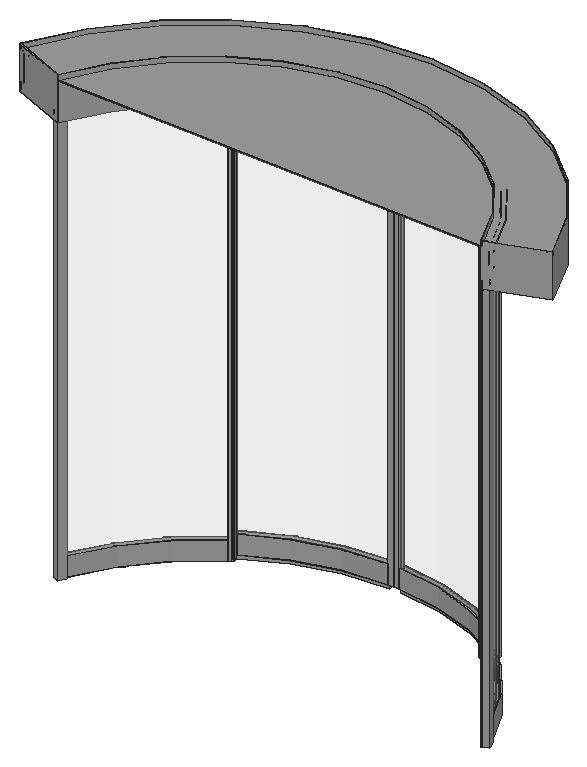
Revit family "agtatec_Record_SldngDrset_RST-ABST-IBST_Wall Based", category Doors, host Wall, Revit 2015
Parameters (values of type "ABST With Side Panels - 30 mm")
  WithoutSidePanels = not(WithSidePanels)  # no
  WithinStandardSizes = PassageHeight < 3000.00 mm  # yes
  WithSidePanels = yes
  Width = WallCutHeight  # 2320.00 mm
  Weight = "n/a"
  WarrantyStartDate [instance] = "12/31/00 11:59 PM"
  WarrantyGuarantorParts = "Local door manufacturer"
  WarrantyGuarantorLabour = "Local door manufacturer"
  WarrantyDurationUnit = "Depends on country"
  WarrantyDurationParts = "Depends on country"
  WarrantyDurationLabour = "Depends on country"
  WarrantyDescription = "Depends on country"
  WallCutWidth = if(RST180, 2 * STRadius, if(RST360, 2 * STRadius, 2 * (WL / tan(90.00° - W - SW))))  # 2233.644 mm
  WallCutHeight = TotalHeight  # 2320.00 mm
  WL = STRadius - H  # 438.986 mm
  W = if((asin(A / (2 * (STRadius - STWidth - Distance - TFWidth)))) * 2 + SWAdd > 90.00°, ((90.00° - SWAdd) / 2), (asin(A / (2 * (STRadius - STWidth - Distance - TFWidth)))))  # 32.3924°
  Version = "Version 1.0"
  Uniclass2 = "Ss_25_30_20_77"
  UnderStructure = no
  URL = "www.agta-record.com"
  TotalHeight = PassageHeight + CanopyHeight  # 2320.00 mm
  ThresholdStripping = "n/a"
  ThresholdRequired = yes
  Thickness = 0.00 mm
  ThermalTransmittance = 0
  TagNumber [instance] = "n/a"
  TFWidth = STWidth  # 30.00 mm
  TFDichtung = STWidth  # 30.00 mm
  SustainabilityPerformance = "n/a"
  SmokeStop = no
  Size = "XxxXXxXX"
  Shape = "Half-Cylinder Shaped"
  ServiceLifeType = "n/a"
  ServiceLifeDuration = "10-15 years"
  SerialNumber [instance] = "n/a"
  SelfClosing = yes
  SecurityRating = "n/a"
  SafetyDevices = "Optical sensors"
  SWAdd = if(IBST, (TFDichtung + 50.00 mm) * 180.00° / (pi() * (STRadius - STWidth - Distance - TFWidth)), (TFDichtung + 50.00 mm) * 180.00° / (pi() * (STRadius + Distance)))  # 3.7571°
  SW = if(IBST, (W + ((TFDichtung + 50.00 mm) * 180.00° / (pi() * (STRadius - STWidth - Distance - TFWidth)))), if(RST180, (90.00° - W), if(RST360, (90.00° - W), (W + ((TFDichtung + 50.00 mm) * 180.00° / (pi() * (STRadius + Distance)))))))  # 36.1495°
  STWidth = if(Panel20mm, 20.00 mm, 30.00 mm)  # 30.00 mm
  STRadius = 1200.00 mm
  Rough Width = WallCutHeight  # 2320.00 mm
  Rough Height = TotalHeight  # 2320.00 mm
  Revision = "n/a"
  ReplacementCost = "Depends on the configuration and door type"
  ReferenceStandard = "EN16005, EN16361, DIN 18650, etc."
  Reference = "n/a"
  RST360 = no
  RST180 = no
  ProductionYear = "n/a"
  ProductInformation = "www.agta-record.com"
  Process = "n/a"
  PassageWidthOptions = "contact manufacturer"
  PassageWidth = 1200.00 mm
  PassageHeight = 2100.00 mm
  PanelFrames = agtatec_Record_Revolving Door, Aluminium
  Panel30mm = not(Panel20mm)  # yes
  Panel20mm = no
  Operation = "Automatic"
  OperatingTemperature = "n/a"
  OpenDoor = no
  OffsetFromWallTop = 0.00 mm
  OffsetFromWallSide = 0.00 mm
  OffsetFromWallFace [instance] = 0.00 mm
  OffsetFromWall [instance] = OffsetFromWallFace + 1000.00 mm  # 1000.00 mm
  NominalWidth = 1840.20 mm
  NominalLength = 1840.20 mm
  NominalHeight = TotalHeight  # 2320.00 mm
  Name = "SldngDrset_ABST Circular-slidingDoor_Generic_Record"
  NBSTypeID = "n/a"
  NBSReference = "25-50-20/175"
  NBSOfficeMasterTag = "n/a"
  NBSNote = "n/a"
  NBSDescription = "Sliding Doorset"
  NBSCertification = "n/a"
  MountingProfile39mm = not(MountingProfile17mm)  # no
  MountingProfile17mm = yes
  ModelReference = "depends on the configuration"
  ModelNumber = "n/a"
  ModelLabel = "n/a"
  Model = "K31"
  MethodOfMeasurement = "n/a"
  Material = "Aluminium"
  ManufacturerURL = "www.agta-record.com"
  ManufacturerName = "record"
  Manufacturer = "info@agta-record.com"
  LeafPanelFill = agtatec_Record_Revolving Door, Laminated Safety Glass (Clear)
  LeafColourOptions = "n/a"
  IssueDate = "<>"
  IsExternal = yes
  InstallationDate [instance] = "12/31/00 11:59 PM"
  IfcExportType = "Door"
  IfcExportAs = "IFCDoorStyle"
  IBST = no
  HeightUnderCanopyOptions = "2200-3000"
  Height = TotalHeight  # 2320.00 mm
  HasDrive = yes
  HandicapAccessible = no
  H = STRadius * (1 - cos(W + SW))  # 761.014 mm
  Grade = "n/a"
  GlazingAreaFraction = "n/a"
  GlassType = "part of glazing spec"
  GlassThickness3 = 0.00 mm
  GlassThickness2 = 0.00 mm
  GlassThickness1 = 0.00 mm
  GlassLayers = 1
  Function = Exterior
  FrameSeal = yes
  FrameProfile = "Aluminium"
  FrameMaterial = "Aluminium"
  FrameFinishOptions = "Stainless steel and more"
  Flooring = agtatec_Record_Revolving Door, Felt Carpet
  FloorGuide = yes
  FloorChannel = no
  FireRating = "n/a"
  FireExit = no
  Finish = "Powder coated, Anodized, customer specific"
  Features = "Air curtain"
  ExpectedLife = "n/a"
  ElectronicLock = yes
  DurationUnit = "Year"
  DrumWallPanelFill = agtatec_Record_Revolving Door, Laminated Safety Glass (Clear)
  DoorsetOptions = "n/a"
  DoorsetOperation = "automatic"
  DoorsetFasteners = "n/a"
  DoorSeal = "n/a"
  DoorNumber = "n/a"
  DoorIncluded = yes
  Documentation = "n/a"
  DocumentReference = "n/a"
  Distance = 20.00 mm  # constant formula
  DiameterOptions = "n/a"
  Description = "Curved Sliding Door"
  Cost = 0
  Construction Type = "Automatic Revolving Door"
  Constituents = "n/a"
  Configuration = "n/a"
  Colour = "Customer specific"
  CodePerformance = "n/a"
  Category = "Curved Sliding Door"
  Capacity = "n/a"
  CanopyHeightOptions = "200-1000"
  CanopyHeight = 220.00 mm
  CanopyCovering = agtatec_Record_Revolving Door, Sheet metal (Painted Steel)
  BarCode [instance] = "n/a"
  BIMObjectName = "agtatec_Record_SldngDrset_ABST Circular-slidingDoor_WallBased"
  Author = "agtatec"
  AssetType = "n/a"
  AssetIdentifier [instance] = "n/a"
  Assembly Code = "B2030300"
  AntiFingerTrapRequirement = yes
  AlternativeDoorsetGlazing = "Contact manufacturer"
  AcousticRating = "n/a"
  AccessoryOptions = "Contact manufacturer"
  AccessibilityPerformance = "n/a"
  ABST = yes
  A = if(PassageWidth < 800.00 mm, 800.00 mm, if(PassageWidth > 3000.00 mm, 3000.00 mm, PassageWidth))  # 1200.00 mm
Reference planes
  plane 1 "Wall": y = 0
  plane 2 "Center (Left/Right)": x = 125
  plane 3 "Back": y = 75
  plane 4: x = 1241.822
  plane 5: x = -991.822
  plane 6: x = -991.822
  plane 7: x = 1241.822
  plane 8: z = 2320
  plane 9: z = 2320
  plane 10: y = -363.986
  plane 11: y = -1363.986
  plane 12: y = -363.986
Forms (mm)
  Extrusion 1, void
    sketch origin (0, 75, 0) x (-1, 0, 0) y (0, 0, 1)
      loop
        line (-1241.822, 0) -> (991.822, 0) -> (991.822, 2320) -> (-1241.822, 2320) -> (-1241.822, 0)
    from 0 to -150
Text (mm)
  text "Placement Side" at (-1848.837, 1116.779, 0), in view "Ref. Level"
  text "Placement side" at (0, 1409.804, 2854.306), in view "Left"
  text "Placement side" at (0, 499.811, 2980.732), in view "Right"
Dimensions and locks
  locked: plane 3 "Back" to host wall
  equal spacing: plane 5, plane 2 "Center (Left/Right)", plane 4
  "WallCutWidth": plane 5 to plane 4
  "OffsetFromWallSide": plane 5 to plane 6
  "OffsetFromWallSide": plane 4 to plane 7
  "WallCutHeight": level to plane 9
  "OffsetFromWallTop": plane 9 to plane 8
  "WL": plane 10 to plane 3 "Back"
  "OffsetFromWall": plane 12 to plane 11
  locked: plane 10 to plane 11 at 1000
  aligned and locked: host wall to plane 1 "Wall"
  aligned and locked: plane 6 to Extrusion 1 sketch curve
  aligned and locked: plane 7 to Extrusion 1 sketch curve
  aligned and locked: plane 8 to Extrusion 1 sketch curve
  aligned and locked: host wall to Extrusion 1
  aligned and locked: nested 1 to plane 12
Automatic sketch dimensions
  Extrusion 1 sketch curve to level = 0.00 mm
Nested families
  nested 1: "RST - Generic" at (125, -363.986, 0), type "Standard"
    with Width 2320.00 mm, WL 425.817 mm, W 32.3924°, UnderStructure no, SWAdd 3.7571°, SW 36.1495°, STRadiusABSTCanopy 1170.00 mm, STRadius 1200.00 mm, Rough Width 2320.00 mm, Rough Height 2320.00 mm, PassageWidth 1200.00 mm, Height 2320.00 mm, H 761.014 mm, FloorGuide yes, CanopyRoofRadius 1164.00 mm, A 1200.00 mm
Definition of nested family "RST - Generic"
  Parameters
    WithoutSidePanels = not(WithSidePanels)  # no
    WithSidePanels = yes
    Width = 0.00 mm
    WL = (sin(90.00° - W - SW)) * CanopyRoofRadius  # 324.401 mm
    W = if((asin(A / (2 * (STRadius - STWidth - Distance - TFWidth)))) * 2 + SWAdd > 90.00°, ((90.00° - SWAdd) / 2), (asin(A / (2 * (STRadius - STWidth - Distance - TFWidth)))))  # 32.9207°
    UnderStructure = yes
    Thickness = 0.00 mm
    TFWidth = STWidth  # 30.00 mm
    TFDichtung = STWidth  # 30.00 mm
    SWAdd = if(IBST, (TFDichtung + 50.00 mm) * 180.00° / (pi() * (STRadius - STWidth - Distance - TFWidth)), (TFDichtung + 50.00 mm) * 180.00° / (pi() * (STRadius + Distance)))  # 4.49379°
    SW = if(IBST, (W + ((TFDichtung + 50.00 mm) * 180.00° / (pi() * (STRadius - STWidth - Distance - TFWidth)))), if(RST180, (90.00° - W), if(RST360, (90.00° - W), (W + ((TFDichtung + 50.00 mm) * 180.00° / (pi() * (STRadius + Distance)))))))  # 37.4145°
    STWidth = if(Panel20mm, 20.00 mm, 30.00 mm)  # 30.00 mm
    STRadiusABSTCanopy = STRadius - STWidth  # 970.00 mm
    STRadius = 1000.00 mm
    Rough Width = 0.00 mm
    Rough Height = 0.00 mm
    RST36030 = and(RST360, STWidth = 30.00 mm)  # no
    RST36020 = and(RST360, STWidth = 20.00 mm)  # no
    RST360 = no
    RST18030 = and(RST180, STWidth = 30.00 mm)  # no
    RST18020 = and(RST180, STWidth = 20.00 mm)  # no
    RST180 = no
    PassageWidth = 1000.00 mm
    PassageHeight = 2100.00 mm
    PanelFrames = none
    Panel30mm = not(Panel20mm)  # yes
    Panel20mm = no
    OpenDoor = no
    MountingProfile39mm = not(MountingProfile17mm)  # no
    MountingProfile17mm = yes
    LeafPanelFill = none
    IBSTWithout30 = and(IBST, WithoutSidePanels, STWidth = 30.00 mm)  # no
    IBSTWithout20 = and(IBST, WithoutSidePanels, STWidth = 20.00 mm)  # no
    IBSTWith30 = and(IBST, WithSidePanels, STWidth = 30.00 mm)  # no
    IBSTWith20 = and(IBST, WithSidePanels, STWidth = 20.00 mm)  # no
    IBST = no
    Height = 0.00 mm
    H = STRadius * (1 - cos(W + SW))  # 663.484 mm
    FloorGuide = no
    FloorChannel = no
    Distance = 20.00 mm
    Construction Type = ""
    CanopyRoofRadius = if(and(IBST, WithSidePanels), STRadius - 300.00 mm, if(and(ABST, WithSidePanels), STRadius - 36.00 mm, if(and(IBST, WithoutSidePanels, Panel20mm), STRadius - 297.20 mm, if(and(IBST, WithoutSidePanels, Panel30mm), STRadius - 297.00 mm, STRadius))))  # 964.00 mm
    CanopyRoof = or(ABST, IBST)  # yes
    CanopyHeight = 220.00 mm
    CanopyCovering = none
    Analytic Construction = "<None>"
    ABSTWithout30 = and(ABST, WithoutSidePanels, STWidth = 30.00 mm)  # no
    ABSTWithout20 = and(ABST, WithoutSidePanels, STWidth = 20.00 mm)  # no
    ABSTWith30 = and(ABST, WithSidePanels, STWidth = 30.00 mm)  # yes
    ABSTWith20 = and(ABST, WithSidePanels, STWidth = 20.00 mm)  # no
    ABST = yes
    A = if(PassageWidth < 800.00 mm, 800.00 mm, if(PassageWidth > 3000.00 mm, 3000.00 mm, PassageWidth))  # 1000.00 mm
  Reference planes
    plane 1 "Center (Front/Back)": y = 0
    plane 2: z = 0
    plane 3 "Center (Left/Right)": x = 0
    plane 4: y = 1000
    plane 5: x = 1000
    plane 6: x = 1002
    plane 7: x = -1000
    plane 8: x = -1002
    plane 9: x = 1000
    plane 10: x = 1002
    plane 11: x = -1000
    plane 12: x = -1002
    plane 13 "Passage Height": z = 2100
    plane 14: x = 1000
    plane 15: x = 997
    plane 16: x = -1000
    plane 17: x = -997
    plane 18: x = -1000
    plane 19: x = -997
    plane 20: x = 1000
    plane 21: x = 997
  Forms (mm)
    Sweep 1, solid, material <- "CanopyCovering", visible <- "IBSTWith20"
      path origin (0, 1560, 2100) x (0, 1, 0) y (-1, 0, 0)
        loop
          arc (-1223.484, -941.678) -> (-560, 0) -> (-1223.484, 941.678) r 1000
      profile origin (0, 1000, 2100) x (0, -1, 0) y (0, 0, 1)
        loop
          line (37.306, 178.526) -> (54.3, 178.526) -> (54.3, 193) -> (274.2, 193) -> (274.2, 50) -> (298, 50) -> (298, 5) -> (71.8, 5) -> (71.8, 2) -> (298, 2) -> (298, 0) -> (300, 0) -> (300, 220) -> (298, 220) -> (298, 197) -> (2, 197) -> (2, 220) -> (0, 220) -> (0, 0) -> (2, 0) -> (2, 50) -> (25.8, 50) -> (25.8, 44) -> (23, 44) -> (23, 28) -> (28.8, 28) -> (28.8, 88) -> (25.8, 88) -> (25.8, 106.81) -> (54.318, 106.81) -> (54.318, 121.274) -> (37.281, 121.274) -> (37.306, 115.3) -> (32.8, 115.3) -> (32.8, 184.5) -> (37.306, 184.5) -> (37.306, 178.526)
    Sweep 2, solid, material <- "CanopyCovering", visible <- "IBSTWithout20"
      path origin (0, 1560, 2100) x (0, 1, 0) y (-1, 0, 0)
        loop
          arc (-1223.484, -941.678) -> (-560, 0) -> (-1223.484, 941.678) r 1000
      profile origin (0, 1000, 2100) x (0, -1, 0) y (0, 0, 1)
        loop
          line (34.506, 178.526) -> (51.5, 178.526) -> (51.5, 193) -> (271.4, 193) -> (271.4, 50) -> (295.2, 50) -> (295.2, 5) -> (69, 5) -> (69, 2) -> (295.2, 2) -> (295.2, 0) -> (297.2, 0) -> (297.2, 220) -> (295.2, 220) -> (295.2, 197) -> (23, 197) -> (23, 106.81) -> (51.518, 106.81) -> (51.518, 121.274) -> (34.481, 121.274) -> (34.506, 115.3) -> (30, 115.3) -> (30, 184.5) -> (34.506, 184.5) -> (34.506, 178.526)
        loop
          line (40, 8) -> (38, 8) -> (38, 2) -> (26, 2) -> (26, 20) -> (23, 20) -> (23, 0) -> (40, 0) -> (40, 8)
    Sweep 3, solid, material <- "CanopyCovering", visible <- "IBSTWith30"
      path origin (0, 1560, 2100) x (0, 1, 0) y (-1, 0, 0)
        loop
          arc (-1223.484, -941.678) -> (-560, 0) -> (-1223.484, 941.678) r 1000
      profile origin (0, 1000, 2100) x (0, -1, 0) y (0, 0, 1)
        loop
          line (37.306, 178.526) -> (54.3, 178.526) -> (54.3, 193) -> (274.2, 193) -> (274.2, 50) -> (298, 50) -> (298, 5) -> (91.8, 5) -> (91.8, 2) -> (298, 2) -> (298, 0) -> (300, 0) -> (300, 220) -> (298, 220) -> (298, 197) -> (2, 197) -> (2, 220) -> (0, 220) -> (0, 0) -> (2, 0) -> (2, 50) -> (30.816, 50) -> (33, 44) -> (33, 26) -> (37, 26) -> (37, 44.705) -> (29.8, 64.487) -> (29.8, 106.81) -> (54.318, 106.81) -> (54.318, 121.274) -> (37.281, 121.274) -> (37.306, 115.3) -> (32.8, 115.3) -> (32.8, 184.5) -> (37.306, 184.5) -> (37.306, 178.526)
    Sweep 4, solid, material <- "CanopyCovering", visible <- "IBSTWithout30"
      path origin (0, 1560, 2100) x (0, 1, 0) y (-1, 0, 0)
        loop
          arc (-1223.484, -941.678) -> (-560, 0) -> (-1223.484, 941.678) r 1000
      profile origin (0, 1000, 2100) x (0, -1, 0) y (0, 0, 1)
        loop
          line (34.306, 178.526) -> (51.3, 178.526) -> (51.3, 193) -> (271.2, 193) -> (271.2, 50) -> (295, 50) -> (295, 5) -> (184.7, 5) -> (172.7, 5) -> (78.8, 5) -> (78.8, 2) -> (295, 2) -> (295, 0) -> (297, 0) -> (297, 220) -> (295, 220) -> (295, 197) -> (22.8, 197) -> (22.8, 106.81) -> (51.318, 106.81) -> (51.318, 121.274) -> (34.281, 121.274) -> (34.306, 115.3) -> (29.8, 115.3) -> (29.8, 184.5) -> (34.306, 184.5) -> (34.306, 178.526)
        loop
          line (39.8, 8) -> (37.8, 8) -> (37.8, 2) -> (25.8, 2) -> (25.8, 20) -> (22.8, 20) -> (22.8, 0) -> (39.8, 0) -> (39.8, 8)
    Sweep 5, solid, material <- "CanopyCovering", visible <- "ABSTWith20"
      path origin (0, 1560, 2100) x (0, 1, 0) y (-1, 0, 0)
        loop
          arc (-1233.58, -913.427) -> (-590, 0) -> (-1233.58, 913.427) r 970
      profile origin (0, 970, 2100) x (0, -1, 0) y (0, 0, 1)
        loop
          line (-31.306, 178.526) -> (-31.306, 184.5) -> (-26.8, 184.5) -> (-26.8, 115.3) -> (-31.306, 115.3) -> (-31.281, 121.274) -> (-48.318, 121.274) -> (-48.318, 106.81) -> (-19.8, 106.81) -> (-19.8, 88) -> (-22.8, 88) -> (-22.8, 28) -> (-17, 28) -> (-17, 44) -> (-19.8, 44) -> (-19.8, 50) -> (4, 50) -> (4, 0) -> (6, 0) -> (6, 220) -> (4, 220) -> (4, 197) -> (-292, 197) -> (-292, 220) -> (-294, 220) -> (-294, 0) -> (-292, 0) -> (-292, 2) -> (-65.8, 2) -> (-65.8, 5) -> (-292, 5) -> (-292, 50) -> (-268.2, 50) -> (-268.2, 193) -> (-48.3, 193) -> (-48.3, 178.526) -> (-31.306, 178.526)
    Sweep 6, solid, material <- "CanopyCovering", visible <- "ABSTWith30"
      path origin (0, 1560, 2100) x (0, 1, 0) y (-1, 0, 0)
        loop
          arc (-1233.58, -913.427) -> (-590, 0) -> (-1233.58, 913.427) r 970
      profile origin (0, 970, 2100) x (0, -1, 0) y (0, 0, 1)
        loop
          line (-31.306, 178.526) -> (-31.306, 184.5) -> (-26.8, 184.5) -> (-26.8, 115.3) -> (-31.306, 115.3) -> (-31.281, 121.274) -> (-48.318, 121.274) -> (-48.318, 106.81) -> (-23.8, 106.81) -> (-23.8, 64.487) -> (-31, 44.705) -> (-31, 26) -> (-27, 26) -> (-27, 44) -> (-24.816, 50) -> (4, 50) -> (4, 0) -> (6, 0) -> (6, 220) -> (4, 220) -> (4, 197) -> (-292, 197) -> (-292, 220) -> (-294, 220) -> (-294, 0) -> (-292, 0) -> (-292, 2) -> (-85.8, 2) -> (-85.8, 5) -> (-292, 5) -> (-292, 50) -> (-268.2, 50) -> (-268.2, 193) -> (-48.3, 193) -> (-48.3, 178.526) -> (-31.306, 178.526)
    Sweep 7, solid, material <- "CanopyCovering", visible <- "ABSTWithout20"
      path origin (0, 1560, 2100) x (0, 1, 0) y (-1, 0, 0)
        loop
          arc (-1233.58, -913.427) -> (-590, 0) -> (-1233.58, 913.427) r 970
      profile origin (0, 970, 2100) x (0, -1, 0) y (0, 0, 1)
        loop
          line (-31.506, 178.526) -> (-31.506, 184.5) -> (-27, 184.5) -> (-27, 115.3) -> (-31.506, 115.3) -> (-31.481, 121.274) -> (-48.518, 121.274) -> (-48.518, 106.81) -> (-20, 106.81) -> (-20, 197) -> (-292.2, 197) -> (-292.2, 220) -> (-294.2, 220) -> (-294.2, 0) -> (-292.2, 0) -> (-292.2, 2) -> (-66, 2) -> (-66, 5) -> (-292.2, 5) -> (-292.2, 50) -> (-268.4, 50) -> (-268.4, 193) -> (-48.5, 193) -> (-48.5, 178.526) -> (-31.506, 178.526)
        loop
          line (-37, 8) -> (-37, 0) -> (-20, 0) -> (-20, 20) -> (-23, 20) -> (-23, 2) -> (-35, 2) -> (-35, 8) -> (-37, 8)
    Sweep 8, solid, material <- "CanopyCovering", visible <- "ABSTWithout30"
      path origin (0, 1560, 2100) x (0, 1, 0) y (-1, 0, 0)
        loop
          arc (-1233.58, -913.427) -> (-590, 0) -> (-1233.58, 913.427) r 970
      profile origin (0, 970, 2100) x (0, -1, 0) y (0, 0, 1)
        loop
          line (-41.506, 178.526) -> (-41.506, 184.5) -> (-37, 184.5) -> (-37, 115.3) -> (-41.506, 115.3) -> (-41.481, 121.274) -> (-58.518, 121.274) -> (-58.518, 106.81) -> (-30, 106.81) -> (-30, 197) -> (-302.2, 197) -> (-302.2, 220) -> (-304.2, 220) -> (-304.2, 0) -> (-302.2, 0) -> (-302.2, 2) -> (-86, 2) -> (-86, 5) -> (-179.9, 5) -> (-191.9, 5) -> (-302.2, 5) -> (-302.2, 50) -> (-278.4, 50) -> (-278.4, 193) -> (-58.5, 193) -> (-58.5, 178.526) -> (-41.506, 178.526)
        loop
          line (-47, 8) -> (-47, 0) -> (-30, 0) -> (-30, 20) -> (-33, 20) -> (-33, 2) -> (-45, 2) -> (-45, 8) -> (-47, 8)
    Revolve 9, solid, material <- "CanopyCovering", visible <- "RST18020"
      sketch origin (0, 0, 1500) x (0, 1, 0) y (0, 0, 1)
        loop
          line (962.694, 778.526) -> (962.694, 784.5) -> (967.2, 784.5) -> (967.2, 715.3) -> (962.694, 715.3) -> (962.719, 721.274) -> (945.682, 721.274) -> (945.682, 706.81) -> (974.2, 706.81) -> (974.2, 688) -> (971.2, 688) -> (971.2, 628) -> (977, 628) -> (977, 644) -> (974.2, 644) -> (974.2, 650) -> (998, 650) -> (998, 600) -> (1000, 600) -> (1000, 820) -> (998, 820) -> (998, 797) -> (0, 797) -> (0, 793) -> (945.7, 793) -> (945.7, 778.526) -> (962.694, 778.526)
        loop
          line (0, 605) -> (0, 602) -> (928.2, 602) -> (928.2, 605) -> (0, 605)
        axis (0, 600) -> (0, 820)
      angle from -90 to 90
    Sweep 10, solid, material <- "CanopyCovering", visible <- "RST18020"
      path origin (0, 1560, 2100) x (0, 1, 0) y (-1, 0, 0)
        loop
          line (-1560, -997) -> (-1560, 997)
      profile origin (0, 0, 2100) x (0, -1, 0) y (0, 0, 1)
        loop
          line (-25.8, 197) -> (-25.8, 50) -> (-2, 50) -> (-2, 0) -> (0, 0) -> (0, 220) -> (-2, 220) -> (-2, 197) -> (-25.8, 197)
    Revolve 11, solid, material <- "CanopyCovering", visible <- "RST36020"
      sketch origin (0, 0, 1500) x (0, 1, 0) y (0, 0, 1)
        loop
          line (962.694, 778.526) -> (962.694, 784.5) -> (967.2, 784.5) -> (967.2, 715.3) -> (962.694, 715.3) -> (962.719, 721.274) -> (945.682, 721.274) -> (945.682, 706.81) -> (974.2, 706.81) -> (974.2, 688) -> (971.2, 688) -> (971.2, 628) -> (977, 628) -> (977, 644) -> (974.2, 644) -> (974.2, 650) -> (998, 650) -> (998, 600) -> (1000, 600) -> (1000, 820) -> (998, 820) -> (998, 797) -> (0, 797) -> (0, 793) -> (945.7, 793) -> (945.7, 778.526) -> (962.694, 778.526)
        loop
          line (0, 605) -> (0, 602) -> (928.2, 602) -> (928.2, 605) -> (0, 605)
        axis (0, 600) -> (0, 820)
      angle from 0 to 360
    Sweep 12, solid, material <- "CanopyCovering", visible <- "RST36020"
      path origin (0, 1560, 2100) x (0, 1, 0) y (-1, 0, 0)
        loop
          line (-1560, -1002) -> (-1560, 1002)
      profile origin (0, 0, 2100) x (0, -1, 0) y (0, 0, 1)
        loop
          line (-25.8, 197) -> (-25.8, 50) -> (-2, 50) -> (-2, 0) -> (2, 0) -> (2, 50) -> (25.8, 50) -> (25.8, 197) -> (2, 197) -> (2, 220) -> (-2, 220) -> (-2, 197) -> (-25.8, 197)
    Revolve 13, solid, material <- "CanopyCovering", visible <- "RST36030"
      sketch origin (0, 0, 1500) x (0, 1, 0) y (0, 0, 1)
        loop
          line (945.7, 793) -> (945.7, 778.526) -> (962.694, 778.526) -> (962.694, 784.5) -> (967.2, 784.5) -> (967.2, 715.3) -> (962.694, 715.3) -> (962.719, 721.274) -> (945.682, 721.274) -> (945.682, 706.81) -> (970.2, 706.81) -> (970.2, 664.487) -> (963, 644.705) -> (963, 626) -> (967, 626) -> (967, 644) -> (969.184, 650) -> (998, 650) -> (998, 600) -> (1000, 600) -> (1000, 820) -> (998, 820) -> (998, 797) -> (0, 797) -> (0, 793) -> (945.7, 793)
        loop
          line (0, 605) -> (0, 602) -> (908.2, 602) -> (908.2, 605) -> (0, 605)
        axis (0, 600) -> (0, 820)
      angle from 0 to 360
    Sweep 14, solid, material <- "CanopyCovering", visible <- "RST36030"
      path origin (0, 1560, 2100) x (0, 1, 0) y (-1, 0, 0)
        loop
          line (-1560, -1002) -> (-1560, 1002)
      profile origin (0, 0, 2100) x (0, -1, 0) y (0, 0, 1)
        loop
          line (-25.8, 197) -> (-25.8, 50) -> (-2, 50) -> (-2, 0) -> (2, 0) -> (2, 50) -> (25.8, 50) -> (25.8, 197) -> (2, 197) -> (2, 220) -> (-2, 220) -> (-2, 197) -> (-25.8, 197)
    Revolve 15, solid, material <- "CanopyCovering", visible <- "RST18030"
      sketch origin (0, 0, 1500) x (0, 1, 0) y (0, 0, 1)
        loop
          line (945.7, 793) -> (945.7, 778.526) -> (962.694, 778.526) -> (962.694, 784.5) -> (967.2, 784.5) -> (967.2, 715.3) -> (962.694, 715.3) -> (962.719, 721.274) -> (945.682, 721.274) -> (945.682, 706.81) -> (970.2, 706.81) -> (970.2, 664.487) -> (963, 644.705) -> (963, 626) -> (967, 626) -> (967, 644) -> (969.184, 650) -> (998, 650) -> (998, 600) -> (1000, 600) -> (1000, 820) -> (998, 820) -> (998, 797) -> (0, 797) -> (0, 793) -> (945.7, 793)
        loop
          line (0, 605) -> (0, 602) -> (908.2, 602) -> (908.2, 605) -> (0, 605)
        axis (0, 600) -> (0, 820)
      angle from -90 to 90
    Sweep 16, solid, material <- "CanopyCovering", visible <- "RST18030"
      path origin (0, 1560, 2100) x (0, 1, 0) y (-1, 0, 0)
        loop
          line (-1560, -997) -> (-1560, 997)
      profile origin (0, 0, 2100) x (0, -1, 0) y (0, 0, 1)
        loop
          line (-25.8, 197) -> (-25.8, 50) -> (-2, 50) -> (-2, 0) -> (0, 0) -> (0, 220) -> (-2, 220) -> (-2, 197) -> (-25.8, 197)
    Extrusion 17, solid, material <- "CanopyCovering", visible <- "ABSTWithout30"
      sketch origin (913.427, 326.42, 2100) x (0.941678, 0.336516, 0) y (0, 0, 1)
        loop
          line (30, 220) -> (30, 0) -> (304.2, 0) -> (304.2, 220) -> (30, 220)
      from 0 to 3
    Extrusion 18, solid, material <- "CanopyCovering", visible <- "ABSTWithout30"
      sketch origin (-913.427, 326.42, 2100) x (0, 0, 1) y (-0.941678, 0.336516, 0)
        loop
          line (220, 304.2) -> (0, 304.2) -> (0, 30) -> (220, 30) -> (220, 304.2)
      from 0 to 3
    Extrusion 19, solid, material <- "CanopyCovering", visible <- "ABSTWithout20"
      sketch origin (-913.427, 326.42, 2100) x (0, 0, 1) y (-0.941678, 0.336516, 0)
        loop
          line (220, 294.2) -> (0, 294.2) -> (0, 20) -> (220, 20) -> (220, 294.2)
      from 0 to 3
    Extrusion 20, solid, material <- "CanopyCovering", visible <- "ABSTWithout20"
      sketch origin (913.427, 326.42, 2100) x (0.941678, 0.336516, 0) y (0, 0, 1)
        loop
          line (294.2, 0) -> (294.2, 220) -> (20, 220) -> (20, 0) -> (294.2, 0)
      from 0 to 3
    Extrusion 21, solid, material <- "CanopyCovering", visible <- "ABSTWith30"
      sketch origin (-913.427, 326.42, 2100) x (0, 0, 1) y (-0.941678, 0.336516, 0)
        loop
          line (220, 294) -> (0, 294) -> (0, -6) -> (220, -6) -> (220, 294)
      from 0 to 3
    Extrusion 22, solid, material <- "CanopyCovering", visible <- "ABSTWith30"
      sketch origin (913.427, 326.42, 2100) x (0.941678, 0.336516, 0) y (0, 0, 1)
        loop
          line (-6, 220) -> (-6, 0) -> (294, 0) -> (294, 220) -> (-6, 220)
      from 0 to 3
    Extrusion 23, solid, material <- "CanopyCovering", visible <- "IBSTWithout30"
      sketch origin (-941.678, 336.516, 2100) x (0, 0, 1) y (-0.941678, 0.336516, 0)
        loop
          line (220, -22.8) -> (0, -22.8) -> (0, -297) -> (220, -297) -> (220, -22.8)
      from 0 to 3
    Extrusion 24, solid, material <- "CanopyCovering", visible <- "IBSTWithout30"
      sketch origin (941.678, 336.516, 2100) x (0.941678, 0.336516, 0) y (0, 0, 1)
        loop
          line (-297, 220) -> (-297, 0) -> (-22.8, 0) -> (-22.8, 220) -> (-297, 220)
      from 0 to 3
    Extrusion 25, solid, material <- "CanopyCovering", visible <- "IBSTWith30"
      sketch origin (-941.678, 336.516, 2100) x (0, 0, 1) y (-0.941678, 0.336516, 0)
        loop
          line (220, 0) -> (0, 0) -> (0, -300) -> (220, -300) -> (220, 0)
      from 0 to 3
    Extrusion 26, solid, material <- "CanopyCovering", visible <- "IBSTWith30"
      sketch origin (941.678, 336.516, 2100) x (0.941678, 0.336516, 0) y (0, 0, 1)
        loop
          line (0, 0) -> (0, 220) -> (-300, 220) -> (-300, 0) -> (0, 0)
      from 0 to 3
    Extrusion 27, solid, material <- "CanopyCovering", visible <- "IBSTWith20"
      sketch origin (-941.678, 336.516, 2100) x (0, 0, 1) y (-0.941678, 0.336516, 0)
        loop
          line (220, 0) -> (0, 0) -> (0, -300) -> (220, -300) -> (220, 0)
      from 0 to 3
    Extrusion 28, solid, material <- "CanopyCovering", visible <- "IBSTWith20"
      sketch origin (941.678, 336.516, 2100) x (0.941678, 0.336516, 0) y (0, 0, 1)
        loop
          line (-300, 220) -> (-300, 0) -> (0, 0) -> (0, 220) -> (-300, 220)
      from 0 to 3
    Extrusion 29, solid, material <- "CanopyCovering", visible <- "IBSTWithout20"
      sketch origin (-941.678, 336.516, 2100) x (0, 0, 1) y (-0.941678, 0.336516, 0)
        loop
          line (220, -23) -> (0, -23) -> (0, -297.2) -> (220, -297.2) -> (220, -23)
      from 0 to 3
    Extrusion 30, solid, material <- "CanopyCovering", visible <- "IBSTWithout20"
      sketch origin (941.678, 336.516, 2100) x (0.941678, 0.336516, 0) y (0, 0, 1)
        loop
          line (-297.2, 220) -> (-297.2, 0) -> (-23, 0) -> (-23, 220) -> (-297.2, 220)
      from 0 to 3
    Extrusion 31, solid, material <- "CanopyCovering", visible <- "ABSTWith20"
      sketch origin (-913.427, 326.42, 2100) x (0, 0, 1) y (-0.941678, 0.336516, 0)
        loop
          line (220, 294) -> (0, 294) -> (0, -6) -> (220, -6) -> (220, 294)
      from 0 to 3
    Extrusion 32, solid, material <- "CanopyCovering", visible <- "ABSTWith20"
      sketch origin (913.427, 326.42, 2100) x (0.941678, 0.336516, 0) y (0, 0, 1)
        loop
          line (-6, 220) -> (-6, 0) -> (294, 0) -> (294, 220) -> (-6, 220)
      from 0 to 3
    Extrusion 33, solid, material <- "CanopyCovering", visible <- "CanopyRoof"
      sketch origin (0, 1560, 2100) x (0, 1, 0) y (-1, 0, 0)
        loop
          arc (-1235.599, -907.777) -> (-596, 0) -> (-1235.599, 907.777) r 964
          line (-1235.599, 907.777) -> (-1235.599, -907.777)
      from 193 to 197
  Cuts and joins
    joined: Revolve 9, Sweep 10
    joined: Revolve 11, Sweep 12
    joined: Revolve 13, Sweep 14
    joined: Revolve 15, Sweep 16
  Lines and regions (mm)
    reference lines
      curve 1: arc (941.678, 336.516, 0) -> (0, 1000, 0) -> (-941.678, 336.516, 0) r 1000
      curve 2: line (0, 0, 0) -> (543.478, 839.423, 0)
      curve 3: line (-543.478, 839.423, 0) -> (0, 0, 0)
      curve 4: line (941.678, 336.516, 0) -> (0, 0, 0)
      curve 5: line (-941.678, 336.516, 0) -> (0, 0, 0)
      curve 6: arc (913.427, 326.42, 0) -> (0, 970, 0) -> (-913.427, 326.42, 0) r 970
  Dimensions and locks
    "CanopyHeight": Sweep 1 sketch curve to profile plane  (x2)
    "CanopyHeight": Sweep 2 sketch curve to profile plane
    "STRadius": plane 1 "Center (Front/Back)" to plane 4
    "CanopyHeight": Sweep 3 sketch curve to profile plane  (x2)
    "CanopyHeight": Sweep 4 sketch curve to profile plane
    "CanopyHeight": Sweep 5 sketch curve to profile plane  (x2)
    "CanopyHeight": Sweep 6 sketch curve to profile plane  (x2)
    "CanopyHeight": Sweep 7 sketch curve to profile plane
    "CanopyHeight": Sweep 8 sketch curve to profile plane
    "CanopyHeight": Sweep 10 sketch curve to profile plane
    "CanopyHeight": Sweep 12 sketch curve to profile plane
    locked: plane 8 to plane 7 at 2
    locked: plane 5 to plane 6 at 2
    "STRadius": plane 3 "Center (Left/Right)" to plane 5
    "STRadius": plane 7 to plane 3 "Center (Left/Right)"
    "CanopyHeight": Sweep 14 sketch curve to profile plane
    locked: plane 12 to plane 11 at 2
    locked: plane 9 to plane 10 at 2
    "STRadius": plane 3 "Center (Left/Right)" to plane 9
    "STRadius": plane 11 to plane 3 "Center (Left/Right)"
    "CanopyHeight": Sweep 16 sketch curve to profile plane
    locked: Sweep 8 sketch curve to profile plane at 197
    "PassageHeight": plane 13 "Passage Height" to level
    locked: Sweep 7 sketch curve to profile plane at 197
    locked: Sweep 6 sketch curve to profile plane at 197
    locked: Sweep 5 sketch curve to profile plane at 197
    locked: Sweep 3 sketch curve to profile plane at 197
    locked: Sweep 4 sketch curve to profile plane at 197
    locked: Sweep 2 sketch curve to profile plane at 197
    locked: Sweep 1 sketch curve to profile plane at 197
    locked: Sweep 16 sketch curve to profile plane at 197
    "CanopyHeight": Revolve 15 sketch curve to plane 13 "Passage Height"
    locked: Revolve 15 sketch curve to plane 13 "Passage Height" at 197
    locked: Sweep 10 sketch curve to profile plane at 197
    "CanopyHeight": Revolve 9 sketch curve to plane 13 "Passage Height"
    locked: Revolve 9 sketch curve to plane 13 "Passage Height" at 197
    "CanopyHeight": Revolve 13 sketch curve to plane 13 "Passage Height"
    locked: Revolve 13 sketch curve to plane 13 "Passage Height" at 197
    "CanopyHeight": Revolve 11 sketch curve to plane 13 "Passage Height"
    locked: Revolve 11 sketch curve to plane 13 "Passage Height" at 197
    locked: plane 15 to plane 14 at 3
    locked: plane 17 to plane 16 at 3
    "STRadius": plane 3 "Center (Left/Right)" to plane 14
    "STRadius": plane 16 to plane 3 "Center (Left/Right)"
    locked: plane 18 to plane 19 at 3
    locked: plane 20 to plane 21 at 3
    "STRadius": plane 18 to plane 3 "Center (Left/Right)"
    "STRadius": plane 3 "Center (Left/Right)" to plane 20
    "WL": plane 1 "Center (Front/Back)" to Extrusion 33 sketch curve
    "STRadius": radius of curve 1
    "STRadiusABSTCanopy": radius of curve 6
    "CanopyRoofRadius": radius of Extrusion 33 sketch curve
    "W": angle curve 2 to plane 3 "Center (Left/Right)"
    "W": angle plane 3 "Center (Left/Right)" to curve 3
    "SW": angle curve 4 to curve 2
    "SW": angle curve 3 to curve 5
    aligned and locked: level to plane 2
    aligned and locked: plane 3 "Center (Left/Right)" to curve 4
    aligned and locked: plane 1 "Center (Front/Back)" to curve 4
    aligned and locked: Sweep 1 sketch curve to curve 1
    aligned and locked: Sweep 1 sketch curve to curve 5
    aligned and locked: Sweep 1 sketch curve to curve 4
    aligned and locked: Sweep 2 sketch curve to curve 1
    aligned and locked: Sweep 2 sketch curve to curve 5
    aligned and locked: Sweep 2 sketch curve to curve 4
    aligned and locked: Sweep 3 sketch curve to curve 1
    aligned and locked: Sweep 3 sketch curve to curve 5
    aligned and locked: Sweep 3 sketch curve to curve 4
    aligned and locked: Sweep 4 sketch curve to curve 1
    aligned and locked: Sweep 4 sketch curve to curve 5
    aligned and locked: Sweep 4 sketch curve to curve 4
    aligned and locked: Sweep 5 sketch curve to curve 6
    aligned and locked: curve 4 to Sweep 5 sketch curve
    aligned and locked: curve 5 to Sweep 5 sketch curve
    aligned and locked: Sweep 6 sketch curve to curve 6
    aligned and locked: curve 4 to Sweep 6 sketch curve
    aligned and locked: curve 5 to Sweep 6 sketch curve
    aligned and locked: Sweep 7 sketch curve to curve 6
    aligned and locked: curve 4 to Sweep 7 sketch curve
    aligned and locked: curve 5 to Sweep 7 sketch curve
    aligned and locked: Sweep 8 sketch curve to curve 6
    aligned and locked: curve 4 to Sweep 8 sketch curve
    aligned and locked: curve 5 to Sweep 8 sketch curve
    aligned and locked: Revolve 9 sketch curve to plane 1 "Center (Front/Back)"
    aligned and locked: Sweep 10 sketch curve to plane 1 "Center (Front/Back)"
    aligned and locked: plane 1 "Center (Front/Back)" to Revolve 11 sketch curve
    aligned and locked: Sweep 12 sketch curve to plane 1 "Center (Front/Back)"
    aligned and locked: Sweep 12 sketch curve to plane 8
    aligned and locked: plane 6 to Sweep 12 sketch curve
    aligned and locked: Sweep 14 sketch curve to plane 12
    aligned and locked: plane 10 to Sweep 14 sketch curve
    aligned and locked: plane 3 "Center (Left/Right)" to nested 1
    aligned and locked: plane 1 "Center (Front/Back)" to nested 1
    aligned and locked: plane 3 "Center (Left/Right)" to nested 2
    aligned and locked: nested 2 to plane 1 "Center (Front/Back)"
    aligned and locked: nested 3 to plane 3 "Center (Left/Right)"
    aligned and locked: nested 4 to plane 1 "Center (Front/Back)"
    aligned and locked: plane 1 "Center (Front/Back)" to nested 3
    aligned and locked: nested 4 to plane 3 "Center (Left/Right)"
    aligned and locked: Sweep 16 sketch curve to plane 17
    aligned and locked: plane 15 to Sweep 16 sketch curve
    aligned and locked: Sweep 10 sketch curve to plane 21
    aligned and locked: plane 19 to Sweep 10 sketch curve
    aligned and locked: Extrusion 17 sketch curve to Sweep 8  (x4)
    aligned and locked: Extrusion 18 sketch curve to Sweep 8  (x2)
    aligned and locked: Sweep 8 to Extrusion 18 sketch curve  (x2)
    aligned and locked: Extrusion 19 sketch curve to Sweep 7  (x2)
    aligned and locked: Sweep 7 to Extrusion 19 sketch curve  (x2)
    aligned and locked: Extrusion 20 sketch curve to Sweep 7  (x4)
    aligned and locked: Extrusion 21 sketch curve to Sweep 6  (x2)
    aligned and locked: Sweep 6 to Extrusion 21 sketch curve  (x2)
    aligned and locked: Extrusion 22 sketch curve to Sweep 6  (x4)
    aligned and locked: Extrusion 23 sketch curve to Sweep 4  (x2)
    aligned and locked: Sweep 4 to Extrusion 23 sketch curve  (x2)
    aligned and locked: Extrusion 24 sketch curve to Sweep 4  (x4)
    aligned and locked: Extrusion 25 sketch curve to Sweep 3  (x2)
    aligned and locked: Sweep 3 to Extrusion 25 sketch curve  (x2)
    aligned and locked: Extrusion 26 sketch curve to Sweep 3  (x4)
    aligned and locked: Extrusion 27 sketch curve to Sweep 1  (x2)
    aligned and locked: Sweep 1 to Extrusion 27 sketch curve  (x2)
    aligned and locked: Extrusion 28 sketch curve to Sweep 1  (x4)
    aligned and locked: Extrusion 29 sketch curve to Sweep 2  (x2)
    aligned and locked: Sweep 2 to Extrusion 29 sketch curve  (x2)
    aligned and locked: Extrusion 30 sketch curve to Sweep 2  (x3)
    aligned and locked: Sweep 2 to Extrusion 30 sketch curve
    aligned and locked: Extrusion 31 sketch curve to Sweep 5  (x2)
    aligned and locked: Sweep 5 to Extrusion 31 sketch curve  (x2)
    aligned and locked: Extrusion 32 sketch curve to Sweep 5  (x4)
  Automatic sketch dimensions
    curve 1 to curve 6 = 0.00 mm  (x2)
    plane 1 "Center (Front/Back)" to curve 6 = 0.00 mm
    curve 6 to plane 3 "Center (Left/Right)" = 0.00 mm
    Sweep 1 sketch curve to profile plane = 0.00 mm  (x3)
    Sweep 1 sketch curve to Sweep 1 sketch curve = 2.00 mm  (x3)
    Sweep 1 sketch curve to profile plane = 23.00 mm
    Sweep 1 sketch curve to profile plane = 25.80 mm
    Sweep 1 sketch curve to Sweep 1 sketch curve = 2.80 mm
    Sweep 1 sketch curve to Sweep 1 sketch curve = 5.80 mm
    Sweep 1 sketch curve to profile plane = 32.80 mm
    Sweep 1 sketch curve to Sweep 1 sketch curve = 4.481 mm
    Sweep 1 sketch curve to Sweep 1 sketch curve = 4.506 mm  (x2)
    Sweep 1 sketch curve to Sweep 1 sketch curve = 16.994 mm
    Sweep 1 sketch curve to Sweep 1 sketch curve = 17.037 mm
    profile plane to Sweep 1 sketch curve = 2.00 mm
    Sweep 1 sketch curve to Sweep 1 sketch curve = 43.00 mm
    profile plane to Sweep 1 sketch curve = 50.00 mm
    Sweep 1 sketch curve to Sweep 1 sketch curve = 202.40 mm
    profile plane to Sweep 1 sketch curve = 5.00 mm
    Sweep 1 sketch curve to Sweep 1 sketch curve = 23.80 mm  (x2)
    Sweep 1 sketch curve to Sweep 1 sketch curve = 0.00 mm
    profile plane to Sweep 1 sketch curve = 28.00 mm
    Sweep 1 sketch curve to Sweep 1 sketch curve = 16.00 mm
    Sweep 1 sketch curve to Sweep 1 sketch curve = 6.00 mm
    Sweep 1 sketch curve to Sweep 1 sketch curve = 38.00 mm
    Sweep 1 sketch curve to Sweep 1 sketch curve = 18.81 mm
    Sweep 1 sketch curve to Sweep 1 sketch curve = 8.49 mm
    Sweep 1 sketch curve to Sweep 1 sketch curve = 14.464 mm
    Sweep 1 sketch curve to Sweep 1 sketch curve = 18.474 mm
    Sweep 1 sketch curve to Sweep 1 sketch curve = 5.974 mm
    Sweep 1 sketch curve to Sweep 1 sketch curve = 4.00 mm
    Sweep 2 sketch curve to profile plane = 0.00 mm  (x2)
    Sweep 2 sketch curve to profile plane = 23.00 mm  (x2)
    Sweep 2 sketch curve to Sweep 2 sketch curve = 3.00 mm
    Sweep 2 sketch curve to Sweep 2 sketch curve = 7.00 mm
    Sweep 2 sketch curve to Sweep 2 sketch curve = 4.481 mm
    Sweep 2 sketch curve to Sweep 2 sketch curve = 4.506 mm  (x2)
    Sweep 2 sketch curve to Sweep 2 sketch curve = 12.00 mm
    Sweep 2 sketch curve to Sweep 2 sketch curve = 2.00 mm  (x2)
    Sweep 2 sketch curve to Sweep 2 sketch curve = 16.994 mm
    Sweep 2 sketch curve to Sweep 2 sketch curve = 17.012 mm
    profile plane to Sweep 2 sketch curve = 5.00 mm
    Sweep 2 sketch curve to Sweep 2 sketch curve = 29.00 mm
    profile plane to Sweep 2 sketch curve = 50.00 mm
    Sweep 2 sketch curve to Sweep 2 sketch curve = 202.40 mm
    Sweep 2 sketch curve to Sweep 2 sketch curve = 23.80 mm  (x3)
    profile plane to Sweep 2 sketch curve = 2.00 mm  (x2)
    Sweep 2 sketch curve to Sweep 2 sketch curve = 6.00 mm
    Sweep 2 sketch curve to Sweep 2 sketch curve = 18.00 mm
    Sweep 2 sketch curve to Sweep 2 sketch curve = 86.81 mm
    Sweep 2 sketch curve to Sweep 2 sketch curve = 8.49 mm
    Sweep 2 sketch curve to Sweep 2 sketch curve = 14.464 mm
    Sweep 2 sketch curve to Sweep 2 sketch curve = 18.474 mm
    Sweep 2 sketch curve to Sweep 2 sketch curve = 5.974 mm
    Sweep 2 sketch curve to Sweep 2 sketch curve = 14.474 mm
    Sweep 3 sketch curve to profile plane = 0.00 mm  (x3)
    Sweep 3 sketch curve to profile plane = 2.00 mm  (x2)
    Sweep 3 sketch curve to profile plane = 29.80 mm
    Sweep 3 sketch curve to Sweep 3 sketch curve = 1.016 mm
    Sweep 3 sketch curve to profile plane = 32.80 mm
    Sweep 3 sketch curve to Sweep 3 sketch curve = 2.184 mm
    Sweep 3 sketch curve to Sweep 3 sketch curve = 4.00 mm
    Sweep 3 sketch curve to Sweep 3 sketch curve = 4.481 mm
    Sweep 3 sketch curve to Sweep 3 sketch curve = 4.506 mm  (x2)
    Sweep 3 sketch curve to Sweep 3 sketch curve = 16.994 mm
    Sweep 3 sketch curve to Sweep 3 sketch curve = 17.037 mm
    profile plane to Sweep 3 sketch curve = 2.00 mm
    Sweep 3 sketch curve to Sweep 3 sketch curve = 54.80 mm
    profile plane to Sweep 3 sketch curve = 50.00 mm
    Sweep 3 sketch curve to Sweep 3 sketch curve = 182.40 mm
    Sweep 3 sketch curve to Sweep 3 sketch curve = 23.80 mm  (x3)
    Sweep 3 sketch curve to Sweep 3 sketch curve = 2.00 mm
    Sweep 3 sketch curve to Sweep 3 sketch curve = 3.00 mm
    profile plane to Sweep 3 sketch curve = 26.00 mm
    Sweep 3 sketch curve to Sweep 3 sketch curve = 18.00 mm
    Sweep 3 sketch curve to Sweep 3 sketch curve = 0.705 mm
    Sweep 3 sketch curve to Sweep 3 sketch curve = 6.00 mm
    Sweep 3 sketch curve to Sweep 3 sketch curve = 14.487 mm
    Sweep 3 sketch curve to Sweep 3 sketch curve = 42.323 mm
    Sweep 3 sketch curve to Sweep 3 sketch curve = 8.49 mm
    Sweep 3 sketch curve to Sweep 3 sketch curve = 5.974 mm  (x2)
    Sweep 3 sketch curve to Sweep 3 sketch curve = 18.474 mm
    Sweep 3 sketch curve to Sweep 3 sketch curve = 14.474 mm
    Sweep 4 sketch curve to profile plane = 0.00 mm  (x2)
    Sweep 4 sketch curve to profile plane = 22.80 mm  (x2)
    Sweep 4 sketch curve to Sweep 4 sketch curve = 3.00 mm
    Sweep 4 sketch curve to Sweep 4 sketch curve = 7.00 mm
    Sweep 4 sketch curve to Sweep 4 sketch curve = 4.481 mm
    Sweep 4 sketch curve to Sweep 4 sketch curve = 4.506 mm  (x2)
    Sweep 4 sketch curve to Sweep 4 sketch curve = 12.00 mm  (x3)
    Sweep 4 sketch curve to Sweep 4 sketch curve = 2.00 mm  (x2)
    Sweep 4 sketch curve to Sweep 4 sketch curve = 16.994 mm
    Sweep 4 sketch curve to Sweep 4 sketch curve = 17.037 mm
    profile plane to Sweep 4 sketch curve = 2.00 mm  (x2)
    Sweep 4 sketch curve to Sweep 4 sketch curve = 39.00 mm
    profile plane to Sweep 4 sketch curve = 5.00 mm
    Sweep 4 sketch curve to Sweep 4 sketch curve = 93.90 mm
    Sweep 4 sketch curve to Sweep 4 sketch curve = 86.50 mm
    Sweep 4 sketch curve to Sweep 4 sketch curve = 23.80 mm  (x3)
    Sweep 4 sketch curve to Sweep 4 sketch curve = 6.00 mm
    Sweep 4 sketch curve to Sweep 4 sketch curve = 45.00 mm
    Sweep 4 sketch curve to Sweep 4 sketch curve = 86.81 mm
    Sweep 4 sketch curve to Sweep 4 sketch curve = 8.49 mm
    Sweep 4 sketch curve to Sweep 4 sketch curve = 14.464 mm
    Sweep 4 sketch curve to Sweep 4 sketch curve = 18.474 mm
    Sweep 4 sketch curve to Sweep 4 sketch curve = 5.974 mm
    Sweep 4 sketch curve to Sweep 4 sketch curve = 4.00 mm
    Sweep 5 sketch curve to profile plane = 0.00 mm  (x2)
    profile plane to Sweep 5 sketch curve = 294.00 mm
    Sweep 5 sketch curve to Sweep 5 sketch curve = 2.00 mm  (x3)
    Sweep 5 sketch curve to Sweep 5 sketch curve = 0.00 mm
    Sweep 5 sketch curve to Sweep 5 sketch curve = 23.80 mm
    profile plane to Sweep 5 sketch curve = 5.00 mm
    profile plane to Sweep 5 sketch curve = 65.80 mm
    profile plane to Sweep 5 sketch curve = 48.318 mm
    profile plane to Sweep 5 sketch curve = 48.30 mm
    Sweep 5 sketch curve to Sweep 5 sketch curve = 16.994 mm
    Sweep 5 sketch curve to Sweep 5 sketch curve = 17.012 mm
    Sweep 5 sketch curve to Sweep 5 sketch curve = 0.025 mm
    Sweep 5 sketch curve to Sweep 5 sketch curve = 4.506 mm
    profile plane to Sweep 5 sketch curve = 22.80 mm
    Sweep 5 sketch curve to Sweep 5 sketch curve = 3.00 mm
    profile plane to Sweep 5 sketch curve = 19.80 mm
    Sweep 5 sketch curve to Sweep 5 sketch curve = 2.80 mm
    Sweep 5 sketch curve to profile plane = 4.00 mm  (x2)
    profile plane to Sweep 5 sketch curve = 2.00 mm
    profile plane to Sweep 5 sketch curve = 28.00 mm
    Sweep 5 sketch curve to Sweep 5 sketch curve = 16.00 mm
    Sweep 5 sketch curve to Sweep 5 sketch curve = 6.00 mm
    Sweep 5 sketch curve to Sweep 5 sketch curve = 45.00 mm
    Sweep 5 sketch curve to Sweep 5 sketch curve = 38.00 mm
    Sweep 5 sketch curve to Sweep 5 sketch curve = 18.81 mm
    Sweep 5 sketch curve to Sweep 5 sketch curve = 8.49 mm
    Sweep 5 sketch curve to Sweep 5 sketch curve = 14.464 mm
    Sweep 5 sketch curve to Sweep 5 sketch curve = 18.474 mm
    Sweep 5 sketch curve to Sweep 5 sketch curve = 5.974 mm
    Sweep 5 sketch curve to Sweep 5 sketch curve = 4.00 mm
    Sweep 6 sketch curve to profile plane = 0.00 mm  (x2)
    profile plane to Sweep 6 sketch curve = 294.00 mm
    Sweep 6 sketch curve to Sweep 6 sketch curve = 2.00 mm  (x3)
    Sweep 6 sketch curve to Sweep 6 sketch curve = 0.00 mm
    Sweep 6 sketch curve to Sweep 6 sketch curve = 23.80 mm
    profile plane to Sweep 6 sketch curve = 5.00 mm
    profile plane to Sweep 6 sketch curve = 85.80 mm
    profile plane to Sweep 6 sketch curve = 48.318 mm
    profile plane to Sweep 6 sketch curve = 48.30 mm
    Sweep 6 sketch curve to Sweep 6 sketch curve = 16.994 mm
    Sweep 6 sketch curve to Sweep 6 sketch curve = 17.012 mm
    Sweep 6 sketch curve to Sweep 6 sketch curve = 0.025 mm
    profile plane to Sweep 6 sketch curve = 31.00 mm
    Sweep 6 sketch curve to Sweep 6 sketch curve = 4.00 mm
    Sweep 6 sketch curve to Sweep 6 sketch curve = 4.506 mm
    Sweep 6 sketch curve to Sweep 6 sketch curve = 2.184 mm
    Sweep 6 sketch curve to Sweep 6 sketch curve = 3.00 mm
    Sweep 6 sketch curve to profile plane = 4.00 mm  (x2)
    profile plane to Sweep 6 sketch curve = 2.00 mm
    profile plane to Sweep 6 sketch curve = 26.00 mm
    Sweep 6 sketch curve to Sweep 6 sketch curve = 18.00 mm
    Sweep 6 sketch curve to Sweep 6 sketch curve = 0.705 mm
    profile plane to Sweep 6 sketch curve = 50.00 mm
    Sweep 6 sketch curve to Sweep 6 sketch curve = 6.00 mm
    Sweep 6 sketch curve to Sweep 6 sketch curve = 14.487 mm
    Sweep 6 sketch curve to Sweep 6 sketch curve = 42.323 mm
    Sweep 6 sketch curve to Sweep 6 sketch curve = 8.49 mm
    Sweep 6 sketch curve to Sweep 6 sketch curve = 5.974 mm  (x2)
    Sweep 6 sketch curve to Sweep 6 sketch curve = 18.474 mm
    Sweep 6 sketch curve to Sweep 6 sketch curve = 14.474 mm
    Sweep 7 sketch curve to profile plane = 0.00 mm  (x2)
    profile plane to Sweep 7 sketch curve = 294.20 mm
    Sweep 7 sketch curve to Sweep 7 sketch curve = 2.00 mm  (x3)
    Sweep 7 sketch curve to Sweep 7 sketch curve = 0.00 mm
    Sweep 7 sketch curve to Sweep 7 sketch curve = 23.80 mm
    profile plane to Sweep 7 sketch curve = 5.00 mm
    profile plane to Sweep 7 sketch curve = 66.00 mm
    profile plane to Sweep 7 sketch curve = 48.518 mm
    profile plane to Sweep 7 sketch curve = 48.50 mm
    profile plane to Sweep 7 sketch curve = 8.00 mm
    Sweep 7 sketch curve to Sweep 7 sketch curve = 29.00 mm
    Sweep 7 sketch curve to Sweep 7 sketch curve = 16.994 mm
    Sweep 7 sketch curve to Sweep 7 sketch curve = 17.012 mm
    Sweep 7 sketch curve to Sweep 7 sketch curve = 0.025 mm
    Sweep 7 sketch curve to Sweep 7 sketch curve = 4.506 mm
    Sweep 7 sketch curve to Sweep 7 sketch curve = 12.00 mm
    Sweep 7 sketch curve to Sweep 7 sketch curve = 7.00 mm
    Sweep 7 sketch curve to Sweep 7 sketch curve = 3.00 mm
    profile plane to Sweep 7 sketch curve = 2.00 mm  (x2)
    Sweep 7 sketch curve to Sweep 7 sketch curve = 18.00 mm
    Sweep 7 sketch curve to Sweep 7 sketch curve = 45.00 mm
    Sweep 7 sketch curve to Sweep 7 sketch curve = 86.81 mm
    Sweep 7 sketch curve to Sweep 7 sketch curve = 8.49 mm
    Sweep 7 sketch curve to Sweep 7 sketch curve = 14.464 mm
    Sweep 7 sketch curve to Sweep 7 sketch curve = 18.474 mm
    Sweep 7 sketch curve to Sweep 7 sketch curve = 5.974 mm
    Sweep 7 sketch curve to Sweep 7 sketch curve = 14.474 mm
    Sweep 8 sketch curve to profile plane = 0.00 mm  (x2)
    profile plane to Sweep 8 sketch curve = 304.20 mm
    Sweep 8 sketch curve to Sweep 8 sketch curve = 2.00 mm  (x3)
    Sweep 8 sketch curve to Sweep 8 sketch curve = 0.00 mm
    Sweep 8 sketch curve to Sweep 8 sketch curve = 23.80 mm
    profile plane to Sweep 8 sketch curve = 5.00 mm
    Sweep 8 sketch curve to Sweep 8 sketch curve = 86.50 mm
    Sweep 8 sketch curve to Sweep 8 sketch curve = 12.00 mm  (x3)
    profile plane to Sweep 8 sketch curve = 86.00 mm
    profile plane to Sweep 8 sketch curve = 58.518 mm
    profile plane to Sweep 8 sketch curve = 58.50 mm
    profile plane to Sweep 8 sketch curve = 8.00 mm
    Sweep 8 sketch curve to Sweep 8 sketch curve = 39.00 mm
    Sweep 8 sketch curve to Sweep 8 sketch curve = 16.994 mm
    Sweep 8 sketch curve to Sweep 8 sketch curve = 17.012 mm
    Sweep 8 sketch curve to Sweep 8 sketch curve = 0.025 mm
    Sweep 8 sketch curve to Sweep 8 sketch curve = 4.506 mm
    Sweep 8 sketch curve to Sweep 8 sketch curve = 7.00 mm
    Sweep 8 sketch curve to Sweep 8 sketch curve = 3.00 mm
    profile plane to Sweep 8 sketch curve = 2.00 mm  (x2)
    Sweep 8 sketch curve to Sweep 8 sketch curve = 45.00 mm
    Sweep 8 sketch curve to Sweep 8 sketch curve = 86.81 mm
    Sweep 8 sketch curve to Sweep 8 sketch curve = 8.49 mm
    Sweep 8 sketch curve to Sweep 8 sketch curve = 14.464 mm
    Sweep 8 sketch curve to Sweep 8 sketch curve = 18.474 mm
    Sweep 8 sketch curve to Sweep 8 sketch curve = 5.974 mm
    Sweep 8 sketch curve to Sweep 8 sketch curve = 4.00 mm
    Revolve 9 sketch curve to plane 1 "Center (Front/Back)" = 0.00 mm  (x2)
    Revolve 9 sketch curve to plane 13 "Passage Height" = 0.00 mm  (x2)
    Revolve 9 sketch curve to plane 4 = 0.00 mm
    plane 13 "Passage Height" to Revolve 9 sketch curve = 2.00 mm
    Revolve 9 sketch curve to plane 4 = 71.80 mm
    Revolve 9 sketch curve to plane 4 = 54.318 mm
    Revolve 9 sketch curve to plane 4 = 54.30 mm
    Revolve 9 sketch curve to Revolve 9 sketch curve = 17.012 mm
    Revolve 9 sketch curve to Revolve 9 sketch curve = 16.994 mm
    Revolve 9 sketch curve to Revolve 9 sketch curve = 0.025 mm
    Revolve 9 sketch curve to Revolve 9 sketch curve = 4.506 mm
    Revolve 9 sketch curve to plane 4 = 28.80 mm
    Revolve 9 sketch curve to Revolve 9 sketch curve = 3.00 mm  (x3)
    Revolve 9 sketch curve to Revolve 9 sketch curve = 5.80 mm
    Revolve 9 sketch curve to plane 4 = 2.00 mm  (x2)
    plane 13 "Passage Height" to Revolve 9 sketch curve = 28.00 mm
    Revolve 9 sketch curve to Revolve 9 sketch curve = 16.00 mm
    Revolve 9 sketch curve to Revolve 9 sketch curve = 6.00 mm
    Revolve 9 sketch curve to Revolve 9 sketch curve = 38.00 mm
    Revolve 9 sketch curve to Revolve 9 sketch curve = 18.81 mm
    Revolve 9 sketch curve to Revolve 9 sketch curve = 8.49 mm
    Revolve 9 sketch curve to Revolve 9 sketch curve = 14.464 mm
    Revolve 9 sketch curve to Revolve 9 sketch curve = 18.474 mm
    Revolve 9 sketch curve to Revolve 9 sketch curve = 5.974 mm
    Revolve 9 sketch curve to Revolve 9 sketch curve = 4.00 mm
    Revolve 9 sketch curve to Revolve 9 sketch curve = 0.00 mm
    Sweep 10 sketch curve to profile plane = 0.00 mm  (x2)
    profile plane to Sweep 10 sketch curve = 2.00 mm  (x2)
    Sweep 10 sketch curve to Sweep 10 sketch curve = 23.80 mm
    profile plane to Sweep 10 sketch curve = 50.00 mm
    Revolve 11 sketch curve to plane 1 "Center (Front/Back)" = 0.00 mm  (x2)
    Revolve 11 sketch curve to plane 13 "Passage Height" = 0.00 mm  (x2)
    Revolve 11 sketch curve to plane 4 = 0.00 mm
    plane 13 "Passage Height" to Revolve 11 sketch curve = 2.00 mm
    Revolve 11 sketch curve to plane 4 = 71.80 mm
    Revolve 11 sketch curve to plane 4 = 54.318 mm
    Revolve 11 sketch curve to plane 4 = 54.30 mm
    Revolve 11 sketch curve to Revolve 11 sketch curve = 17.012 mm
    Revolve 11 sketch curve to Revolve 11 sketch curve = 16.994 mm
    Revolve 11 sketch curve to Revolve 11 sketch curve = 0.025 mm
    Revolve 11 sketch curve to Revolve 11 sketch curve = 4.506 mm
    Revolve 11 sketch curve to plane 4 = 28.80 mm
    Revolve 11 sketch curve to Revolve 11 sketch curve = 3.00 mm  (x3)
    Revolve 11 sketch curve to Revolve 11 sketch curve = 5.80 mm
    Revolve 11 sketch curve to plane 4 = 2.00 mm  (x2)
    plane 13 "Passage Height" to Revolve 11 sketch curve = 28.00 mm
    Revolve 11 sketch curve to Revolve 11 sketch curve = 16.00 mm
    Revolve 11 sketch curve to Revolve 11 sketch curve = 6.00 mm
    Revolve 11 sketch curve to Revolve 11 sketch curve = 38.00 mm
    Revolve 11 sketch curve to Revolve 11 sketch curve = 18.81 mm
    Revolve 11 sketch curve to Revolve 11 sketch curve = 8.49 mm
    Revolve 11 sketch curve to Revolve 11 sketch curve = 14.464 mm
    Revolve 11 sketch curve to Revolve 11 sketch curve = 18.474 mm
    Revolve 11 sketch curve to Revolve 11 sketch curve = 5.974 mm
    Revolve 11 sketch curve to Revolve 11 sketch curve = 4.00 mm
    Revolve 11 sketch curve to Revolve 11 sketch curve = 0.00 mm
    Sweep 12 sketch curve to profile plane = 0.00 mm
    profile plane to Sweep 12 sketch curve = 25.80 mm
    profile plane to Sweep 12 sketch curve = 2.00 mm  (x2)
    Sweep 12 sketch curve to profile plane = 2.00 mm  (x2)
    Sweep 12 sketch curve to Sweep 12 sketch curve = 23.80 mm
    Sweep 12 sketch curve to Sweep 12 sketch curve = 50.00 mm
    Sweep 12 sketch curve to Sweep 12 sketch curve = 0.00 mm  (x2)
    Sweep 12 sketch curve to Sweep 12 sketch curve = 23.00 mm
    Revolve 13 sketch curve to plane 1 "Center (Front/Back)" = 0.00 mm  (x3)
    Revolve 13 sketch curve to plane 13 "Passage Height" = 0.00 mm  (x2)
    Revolve 13 sketch curve to plane 4 = 0.00 mm
    plane 13 "Passage Height" to Revolve 13 sketch curve = 2.00 mm
    Revolve 13 sketch curve to plane 4 = 91.80 mm
    Revolve 13 sketch curve to plane 4 = 54.318 mm
    Revolve 13 sketch curve to plane 4 = 54.30 mm
    Revolve 13 sketch curve to Revolve 13 sketch curve = 16.994 mm
    Revolve 13 sketch curve to Revolve 13 sketch curve = 17.012 mm
    Revolve 13 sketch curve to Revolve 13 sketch curve = 0.025 mm
    Revolve 13 sketch curve to plane 4 = 37.00 mm
    Revolve 13 sketch curve to Revolve 13 sketch curve = 4.00 mm  (x2)
    Revolve 13 sketch curve to Revolve 13 sketch curve = 4.506 mm
    Revolve 13 sketch curve to Revolve 13 sketch curve = 2.184 mm
    Revolve 13 sketch curve to Revolve 13 sketch curve = 3.00 mm  (x2)
    Revolve 13 sketch curve to plane 4 = 2.00 mm  (x2)
    plane 13 "Passage Height" to Revolve 13 sketch curve = 26.00 mm
    Revolve 13 sketch curve to Revolve 13 sketch curve = 18.00 mm
    Revolve 13 sketch curve to Revolve 13 sketch curve = 0.705 mm
    Revolve 13 sketch curve to Revolve 13 sketch curve = 6.00 mm
    Revolve 13 sketch curve to Revolve 13 sketch curve = 14.487 mm
    Revolve 13 sketch curve to Revolve 13 sketch curve = 42.323 mm
    Revolve 13 sketch curve to Revolve 13 sketch curve = 8.49 mm
    Revolve 13 sketch curve to Revolve 13 sketch curve = 5.974 mm  (x2)
    Revolve 13 sketch curve to Revolve 13 sketch curve = 18.474 mm
    Revolve 13 sketch curve to Revolve 13 sketch curve = 0.00 mm
    plane 1 "Center (Front/Back)" to Sweep 14 sketch curve = 0.00 mm
    Sweep 14 sketch curve to profile plane = 0.00 mm
    profile plane to Sweep 14 sketch curve = 25.80 mm
    profile plane to Sweep 14 sketch curve = 2.00 mm  (x2)
    Sweep 14 sketch curve to profile plane = 2.00 mm  (x2)
    Sweep 14 sketch curve to Sweep 14 sketch curve = 23.80 mm
    profile plane to Sweep 14 sketch curve = 50.00 mm
    Sweep 14 sketch curve to Sweep 14 sketch curve = 0.00 mm  (x2)
    Sweep 14 sketch curve to Sweep 14 sketch curve = 23.00 mm
    Revolve 15 sketch curve to plane 1 "Center (Front/Back)" = 0.00 mm  (x3)
